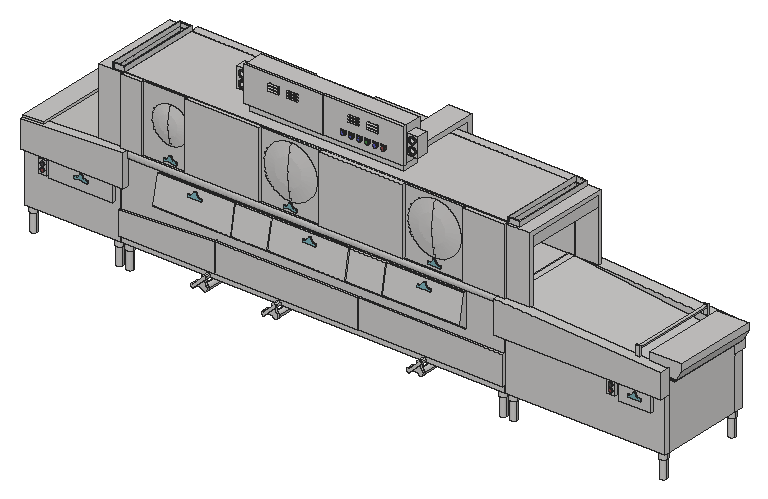
Revit family (continued)
Forms (in)
  Extrusion 130, solid, material "QF_Finishes_Stainless Steel"
    sketch origin (89.44275, -73.14175, 9.44389) x (-1, 0, 0) y (0, -0.5, -0.866025)
      loop
        arc (48.28388, -77.875) -> (48.46693, -78.31694) -> (48.90888, -78.5) r 0.625
        line (48.90888, -78.5) -> (51.65888, -78.5)
        arc (51.65888, -78.5) -> (52.10082, -78.31694) -> (52.28388, -77.875) r 0.625
        line (52.28388, -77.875) -> (48.28388, -77.875)
    from 0 to 0.125
  Extrusion 131, solid, material "QF_Finishes_Stainless Steel"
    sketch origin (89.44275, -73.14175, 8.44389) x (-1, 0, 0) y (0, -0.5, -0.866025)
      loop
        arc (48.28388, -77.875) -> (48.46693, -78.31694) -> (48.90888, -78.5) r 0.625
        line (48.90888, -78.5) -> (51.65888, -78.5)
        arc (51.65888, -78.5) -> (52.10082, -78.31694) -> (52.28388, -77.875) r 0.625
        line (52.28388, -77.875) -> (48.28388, -77.875)
    from 0 to 0.125
  Extrusion 132, solid, material "QF_Finishes_Stainless Steel"
    sketch origin (-39.90362, 0, 0) x (0, 1, 0) y (0, 0, 1)
      loop
        circle (-20.25, 7) r 1
      loop
        circle (-20.25, 7) r 1.125
    from 0 to 215.625
  Extrusion 133, solid, material "QF_Finishes_Stainless Steel", visible <- "Unload End Drain"
    sketch origin (-39.90362, 0, 0) x (0, 1, 0) y (0, 0, 1)
      loop
        circle (-20.25, 7) r 1
    from 0 to 0.125
  Extrusion 134, solid, material "QF_Finishes_Stainless Steel", visible <- "Load End Drain"
    sketch origin (175.72138, 0, 0) x (0, 1, 0) y (0, 0, 1)
      loop
        circle (-20.25, 7) r 1
    from 0 to -0.125
  Sweep 135, solid, material "QF_Finishes_Stainless Steel", visible <- "Cold Water Aqua Stat"
    path origin (-31.27862, 0, 0) x (0, 1, 0) y (0, 0, 1)
      loop
        line (-16.75, 9) -> (-16.75, 7.5)
        arc (-16.75, 7.5) -> (-16.31066, 6.43934) -> (-15.25, 6) r 1.5
        line (-15.25, 6) -> (-8.5, 6)
    profile origin (-31.27862, -16.75, 8.25) x (1, 0, 0) y (0, 1, 0)
      loop
        circle (0, 0) r 0.375
      loop
        circle (0, 0) r 0.5
  Sweep 136, solid, material "QF_Finishes_Stainless Steel", visible <- "Cold Water Aqua Stat"
    path origin (158.72138, 0, 0) x (0, 1, 0) y (0, 0, 1)
      loop
        line (-16.75, 9) -> (-16.75, 7.5)
        arc (-16.75, 7.5) -> (-16.31066, 6.43934) -> (-15.25, 6) r 1.5
        line (-15.25, 6) -> (-8.5, 6)
    profile origin (158.72138, -16.75, 8.25) x (1, 0, 0) y (0, 1, 0)
      loop
        circle (0, 0) r 0.5
      loop
        circle (0, 0) r 0.625
  Extrusion 137, void
    sketch origin (12, -26, 0) x (1, 0, 0) y (0, 0, 1)
      loop
        circle (10.72138, 78.5) r 0.5
    from 0 to 0.25
  Extrusion 138, solid, material "QF_Finishes_Stainless Steel"
    sketch origin (5, -20.25, 0) x (1, 0, 0) y (0, 0, 1)
      loop
        circle (7.73519, 7) r 1
      loop
        circle (7.73519, 7) r 1.125
    from 0 to 21.5
  Extrusion 139, solid, material "QF_Finishes_Stainless Steel"
    sketch origin (18, -20.25, 0) x (1, 0, 0) y (0, 0, 1)
      loop
        circle (21.23519, 7) r 1
      loop
        circle (21.23519, 7) r 1.125
    from 0 to 21.5
  Extrusion 140, solid, material "QF_Finishes_Stainless Steel"
    sketch origin (12.21533, -42, -3.41935) x (0.707107, 0, 0.707107) y (-0.707107, 0, 0.707107)
      loop
        arc (6.61019, 7) -> (7.73519, 5.875) -> (8.86019, 7) r 1.125
        arc (8.86019, 7) -> (9.29112, 8.22931) -> (10.48519, 8.75) r 1.62946
        line (10.48519, 8.75) -> (4.98519, 8.75)
        arc (4.98519, 8.75) -> (6.17925, 8.22931) -> (6.61019, 7) r 1.62946
    from -0.25 to 0.25
  Extrusion 141, solid, material "QF_Finishes_Stainless Steel"
    sketch origin (38.71533, -42, -3.41935) x (0.707107, 0, 0.707107) y (-0.707107, 0, 0.707107)
      loop
        line (4.73519, 8.75) -> (10.73519, 8.75)
        arc (10.73519, 8.75) -> (11.08874, 8.89645) -> (11.23519, 9.25) r 0.5
        line (11.23519, 9.25) -> (11.23519, 9.75)
        arc (11.23519, 9.75) -> (11.08874, 10.10355) -> (10.73519, 10.25) r 0.5
        line (10.73519, 10.25) -> (10.23519, 10.25)
        arc (10.23519, 10.25) -> (10.05841, 10.17678) -> (9.98519, 10) r 0.25
        line (9.98519, 10) -> (9.98519, 9.75) -> (5.48519, 9.75) -> (5.48519, 10)
        arc (5.48519, 10) -> (5.41196, 10.17678) -> (5.23519, 10.25) r 0.25
        line (5.23519, 10.25) -> (4.73519, 10.25)
        arc (4.73519, 10.25) -> (4.38163, 10.10355) -> (4.23519, 9.75) r 0.5
        line (4.23519, 9.75) -> (4.23519, 9.25)
        arc (4.23519, 9.25) -> (4.38163, 8.89645) -> (4.73519, 8.75) r 0.5
    from -1 to 1
  Extrusion 142, solid, material "QF_Finishes_Stainless Steel"
    sketch origin (38.71533, -42, -3.41935) x (0.707107, 0, 0.707107) y (-0.707107, 0, 0.707107)
      loop
        arc (6.61019, 7) -> (7.73519, 5.875) -> (8.86019, 7) r 1.125
        arc (8.86019, 7) -> (9.29112, 8.22931) -> (10.48519, 8.75) r 1.62946
        line (10.48519, 8.75) -> (4.98519, 8.75)
        arc (4.98519, 8.75) -> (6.17925, 8.22931) -> (6.61019, 7) r 1.62946
    from -0.25 to 0.25
  Extrusion 143, solid, material "QF_Finishes_Stainless Steel"
    sketch origin (79, -20.25, 0) x (1, 0, 0) y (0, 0, 1)
      loop
        circle (14.73519, 7) r 1
      loop
        circle (14.73519, 7) r 1.125
    from 0 to 21.5
  Extrusion 144, solid, material "QF_Finishes_Stainless Steel"
    sketch origin (93.21533, -42, -3.41935) x (0.707107, 0, 0.707107) y (-0.707107, 0, 0.707107)
      loop
        line (4.73519, 8.75) -> (10.73519, 8.75)
        arc (10.73519, 8.75) -> (11.08874, 8.89645) -> (11.23519, 9.25) r 0.5
        line (11.23519, 9.25) -> (11.23519, 9.75)
        arc (11.23519, 9.75) -> (11.08874, 10.10355) -> (10.73519, 10.25) r 0.5
        line (10.73519, 10.25) -> (10.23519, 10.25)
        arc (10.23519, 10.25) -> (10.05841, 10.17678) -> (9.98519, 10) r 0.25
        line (9.98519, 10) -> (9.98519, 9.75) -> (5.48519, 9.75) -> (5.48519, 10)
        arc (5.48519, 10) -> (5.41196, 10.17678) -> (5.23519, 10.25) r 0.25
        line (5.23519, 10.25) -> (4.73519, 10.25)
        arc (4.73519, 10.25) -> (4.38163, 10.10355) -> (4.23519, 9.75) r 0.5
        line (4.23519, 9.75) -> (4.23519, 9.25)
        arc (4.23519, 9.25) -> (4.38163, 8.89645) -> (4.73519, 8.75) r 0.5
    from -1 to 1
  Extrusion 145, solid, material "QF_Finishes_Stainless Steel"
    sketch origin (93.21533, -42, -3.41935) x (0.707107, 0, 0.707107) y (-0.707107, 0, 0.707107)
      loop
        arc (6.61019, 7) -> (7.73519, 5.875) -> (8.86019, 7) r 1.125
        arc (8.86019, 7) -> (9.29112, 8.22931) -> (10.48519, 8.75) r 1.62946
        line (10.48519, 8.75) -> (4.98519, 8.75)
        arc (4.98519, 8.75) -> (6.17925, 8.22931) -> (6.61019, 7) r 1.62946
    from -0.25 to 0.25
  Extrusion 146, solid, material "QF_Finishes_Stainless Steel"
    sketch origin (12.21533, -42, -3.41935) x (0.707107, 0, 0.707107) y (-0.707107, 0, 0.707107)
      loop
        line (4.73519, 8.75) -> (10.73519, 8.75)
        arc (10.73519, 8.75) -> (11.08874, 8.89645) -> (11.23519, 9.25) r 0.5
        line (11.23519, 9.25) -> (11.23519, 9.75)
        arc (11.23519, 9.75) -> (11.08874, 10.10355) -> (10.73519, 10.25) r 0.5
        line (10.73519, 10.25) -> (10.23519, 10.25)
        arc (10.23519, 10.25) -> (10.05841, 10.17678) -> (9.98519, 10) r 0.25
        line (9.98519, 10) -> (9.98519, 9.75) -> (5.48519, 9.75) -> (5.48519, 10)
        arc (5.48519, 10) -> (5.41196, 10.17678) -> (5.23519, 10.25) r 0.25
        line (5.23519, 10.25) -> (4.73519, 10.25)
        arc (4.73519, 10.25) -> (4.38163, 10.10355) -> (4.23519, 9.75) r 0.5
        line (4.23519, 9.75) -> (4.23519, 9.25)
        arc (4.23519, 9.25) -> (4.38163, 8.89645) -> (4.73519, 8.75) r 0.5
    from -1 to 1
  Extrusion 147, solid, material "QF_Finishes_Black", not visible
    sketch origin (0, -32.25, 0) x (1, 0, 0) y (0, 0, 1)
      loop
        circle (6.84638, 76.75) r 1.25
      loop
        circle (6.84638, 76.75) r 1
    from 0 to 0.25
  Extrusion 148, solid, material "QF_Finishes_White", not visible
    sketch origin (0, -32.25, 0) x (1, 0, 0) y (0, 0, 1)
      loop
        circle (6.84638, 76.75) r 1
    from 0 to 0.0625
  Extrusion 149, solid, material "QF_Finishes_Black", not visible
    sketch origin (33.66291, -34, -18.39967) x (1, 0, 0) y (0, 0, 1)
      loop
        line (19.62096, 91.02467) -> (17.62096, 91.02467) -> (17.62096, 90.77467) -> (19.62096, 90.77467) -> (19.62096, 91.02467)
      loop
        line (16.62096, 91.02467) -> (14.62096, 91.02467) -> (14.62096, 90.77467) -> (16.62096, 90.77467) -> (16.62096, 91.02467)
      loop
        line (20.62096, 91.02467) -> (20.62096, 90.77467) -> (22.62096, 90.77467) -> (22.62096, 91.02467) -> (20.62096, 91.02467)
      loop
        line (23.62096, 91.02467) -> (23.62096, 90.77467) -> (25.62096, 90.77467) -> (25.62096, 91.02467) -> (23.62096, 91.02467)
      loop
        line (13.62096, 91.02467) -> (11.62096, 91.02467) -> (11.62096, 90.77467) -> (13.62096, 90.77467) -> (13.62096, 91.02467)
      loop
        line (26.62096, 91.02467) -> (26.62096, 90.77467) -> (28.62096, 90.77467) -> (28.62096, 91.02467) -> (26.62096, 91.02467)
    from 0 to 0.25
  Extrusion 150, solid, material "QF_Finishes_Navy Blue", not visible
    sketch origin (34.03783, -34, -18.39967) x (1, 0, 0) y (0, 0, 1)
      loop
        circle (15.24605, 89.89967) r 0.625
    from 0.125 to 0.375
  Extrusion 151, solid, material "QF_Finishes_Navy Blue", not visible
    sketch origin (34.03783, -34, -18.39967) x (1, 0, 0) y (0, 0, 1)
      loop
        circle (18.24605, 89.89967) r 0.625
    from 0.125 to 0.375
  Extrusion 152, solid, material "QF_Finishes_LED Green", not visible
    sketch origin (34.03783, -34, -18.39967) x (1, 0, 0) y (0, 0, 1)
      loop
        circle (21.24605, 89.89967) r 0.625
    from 0.125 to 0.375
  Extrusion 153, solid, material "QF_Finishes_Navy Blue", not visible
    sketch origin (34.03783, -34, -18.39967) x (1, 0, 0) y (0, 0, 1)
      loop
        circle (24.24605, 89.89967) r 0.625
    from 0.125 to 0.375
  Extrusion 154, solid, material "QF_Finishes_Black", not visible
    sketch origin (34.03783, -34, -18.39967) x (1, 0, 0) y (0, 0, 1)
      loop
        line (15.99605, 89.89967) -> (15.99605, 90.77467) -> (14.49605, 90.77467) -> (14.49605, 89.89967)
        arc (14.49605, 89.89967) -> (15.24605, 89.14967) -> (15.99605, 89.89967) r 0.75
      loop
        line (18.99605, 89.89967) -> (18.99605, 90.77467) -> (17.49605, 90.77467) -> (17.49605, 89.89967)
        arc (17.49605, 89.89967) -> (18.24605, 89.14967) -> (18.99605, 89.89967) r 0.75
      loop
        line (21.99605, 89.89967) -> (21.99605, 90.77467) -> (20.49605, 90.77467) -> (20.49605, 89.89967)
        arc (20.49605, 89.89967) -> (21.24605, 89.14967) -> (21.99605, 89.89967) r 0.75
      loop
        line (24.99605, 89.89967) -> (24.99605, 90.77467) -> (23.49605, 90.77467) -> (23.49605, 89.89967)
        arc (23.49605, 89.89967) -> (24.24605, 89.14967) -> (24.99605, 89.89967) r 0.75
      loop
        line (12.99605, 89.89967) -> (12.99605, 90.77467) -> (11.49605, 90.77467) -> (11.49605, 89.89967)
        arc (11.49605, 89.89967) -> (12.24605, 89.14967) -> (12.99605, 89.89967) r 0.75
      loop
        line (27.99605, 89.89967) -> (27.99605, 90.77467) -> (26.49605, 90.77467) -> (26.49605, 89.89967)
        arc (26.49605, 89.89967) -> (27.24605, 89.14967) -> (27.99605, 89.89967) r 0.75
    from 0 to 0.125
  Extrusion 155, solid, material "QF_Finishes_Black", not visible
    sketch origin (0, -32.25, -3.5) x (1, 0, 0) y (0, 0, 1)
      loop
        circle (6.84638, 76.75) r 1.25
      loop
        circle (6.84638, 76.75) r 1
    from 0 to 0.25
  Extrusion 156, solid, material "QF_Finishes_White", not visible
    sketch origin (0, -32.25, -3.5) x (1, 0, 0) y (0, 0, 1)
      loop
        circle (6.84638, 76.75) r 1
    from 0 to 0.0625
  Extrusion 157, solid, material "QF_Finishes_Black", not visible
    sketch origin (63.875, -32.25, 0) x (1, 0, 0) y (0, 0, 1)
      loop
        circle (6.84638, 76.75) r 1.25
      loop
        circle (6.84638, 76.75) r 1
    from 0 to 0.25
  Extrusion 158, solid, material "QF_Finishes_White", not visible
    sketch origin (63.875, -32.25, 0) x (1, 0, 0) y (0, 0, 1)
      loop
        circle (6.84638, 76.75) r 1
    from 0 to 0.0625
  Extrusion 159, solid, material "QF_Finishes_Black", not visible
    sketch origin (63.875, -32.25, -3.5) x (1, 0, 0) y (0, 0, 1)
      loop
        circle (6.84638, 76.75) r 1.25
      loop
        circle (6.84638, 76.75) r 1
    from 0 to 0.25
  Extrusion 160, solid, material "QF_Finishes_White", not visible
    sketch origin (63.875, -32.25, -3.5) x (1, 0, 0) y (0, 0, 1)
      loop
        circle (6.84638, 76.75) r 1
    from 0 to 0.0625
  Extrusion 161, solid, material "QF_Finishes_Navy Blue", not visible
    sketch origin (31.03783, -34, -18.39967) x (1, 0, 0) y (0, 0, 1)
      loop
        circle (15.24605, 89.89967) r 0.625
    from 0.125 to 0.375
  Extrusion 162, solid, material "QF_Finishes_LED Red", not visible
    sketch origin (46.03783, -34, -18.39967) x (1, 0, 0) y (0, 0, 1)
      loop
        circle (15.24605, 89.89967) r 0.625
    from 0.125 to 0.375
  Extrusion 163, solid, material "QF_Finishes_Stainless Steel", not visible
    sketch origin (0, -73.14175, 10.44389) x (1, 0, 0) y (0, 0.5, 0.866025)
      loop
        line (48.28388, 77.875) -> (52.28388, 77.875)
        arc (52.28388, 77.875) -> (52.10082, 78.31694) -> (51.65888, 78.5) r 0.625
        line (51.65888, 78.5) -> (48.90888, 78.5)
        arc (48.90888, 78.5) -> (48.46693, 78.31694) -> (48.28388, 77.875) r 0.625
    from 0 to 0.125
  Extrusion 164, solid, material "QF_Finishes_Stainless Steel", not visible
    sketch origin (0, -73.14175, 9.44389) x (1, 0, 0) y (0, 0.5, 0.866025)
      loop
        line (48.28388, 77.875) -> (52.28388, 77.875)
        arc (52.28388, 77.875) -> (52.10082, 78.31694) -> (51.65888, 78.5) r 0.625
        line (51.65888, 78.5) -> (48.90888, 78.5)
        arc (48.90888, 78.5) -> (48.46693, 78.31694) -> (48.28388, 77.875) r 0.625
    from 0 to 0.125
  Extrusion 165, solid, material "QF_Finishes_Stainless Steel", not visible
    sketch origin (0, -73.14175, 8.44389) x (1, 0, 0) y (0, 0.5, 0.866025)
      loop
        line (48.28388, 77.875) -> (52.28388, 77.875)
        arc (52.28388, 77.875) -> (52.10082, 78.31694) -> (51.65888, 78.5) r 0.625
        line (51.65888, 78.5) -> (48.90888, 78.5)
        arc (48.90888, 78.5) -> (48.46693, 78.31694) -> (48.28388, 77.875) r 0.625
    from 0 to 0.125
  Extrusion 166, solid, material "QF_Finishes_Stainless Steel", not visible
    sketch origin (107.56775, -73.14175, 10.44389) x (-1, 0, 0) y (0, -0.5, -0.866025)
      loop
        arc (48.28388, -77.875) -> (48.46693, -78.31694) -> (48.90888, -78.5) r 0.625
        line (48.90888, -78.5) -> (51.65888, -78.5)
        arc (51.65888, -78.5) -> (52.10082, -78.31694) -> (52.28388, -77.875) r 0.625
        line (52.28388, -77.875) -> (48.28388, -77.875)
    from 0 to 0.125
  Extrusion 167, solid, material "QF_Finishes_Stainless Steel", not visible
    sketch origin (107.56775, -73.14175, 9.44389) x (-1, 0, 0) y (0, -0.5, -0.866025)
      loop
        arc (48.28388, -77.875) -> (48.46693, -78.31694) -> (48.90888, -78.5) r 0.625
        line (48.90888, -78.5) -> (51.65888, -78.5)
        arc (51.65888, -78.5) -> (52.10082, -78.31694) -> (52.28388, -77.875) r 0.625
        line (52.28388, -77.875) -> (48.28388, -77.875)
    from 0 to 0.125
  Extrusion 168, solid, material "QF_Finishes_Stainless Steel", not visible
    sketch origin (107.56775, -73.14175, 8.44389) x (-1, 0, 0) y (0, -0.5, -0.866025)
      loop
        arc (48.28388, -77.875) -> (48.46693, -78.31694) -> (48.90888, -78.5) r 0.625
        line (48.90888, -78.5) -> (51.65888, -78.5)
        arc (51.65888, -78.5) -> (52.10082, -78.31694) -> (52.28388, -77.875) r 0.625
        line (52.28388, -77.875) -> (48.28388, -77.875)
    from 0 to 0.125
  Extrusion 169, solid, material "QF_Finishes_Stainless Steel", not visible
    sketch origin (-30.125, -73.14175, 10.44389) x (1, 0, 0) y (0, 0.5, 0.866025)
      loop
        line (48.28388, 77.875) -> (52.28388, 77.875)
        arc (52.28388, 77.875) -> (52.10082, 78.31694) -> (51.65888, 78.5) r 0.625
        line (51.65888, 78.5) -> (48.90888, 78.5)
        arc (48.90888, 78.5) -> (48.46693, 78.31694) -> (48.28388, 77.875) r 0.625
    from 0 to 0.125
  Extrusion 170, solid, material "QF_Finishes_Stainless Steel", not visible
    sketch origin (-30.125, -73.14175, 9.44389) x (1, 0, 0) y (0, 0.5, 0.866025)
      loop
        line (48.28388, 77.875) -> (52.28388, 77.875)
        arc (52.28388, 77.875) -> (52.10082, 78.31694) -> (51.65888, 78.5) r 0.625
        line (51.65888, 78.5) -> (48.90888, 78.5)
        arc (48.90888, 78.5) -> (48.46693, 78.31694) -> (48.28388, 77.875) r 0.625
    from 0 to 0.125
  Extrusion 171, solid, material "QF_Finishes_Stainless Steel", not visible
    sketch origin (-30.125, -73.14175, 8.44389) x (1, 0, 0) y (0, 0.5, 0.866025)
      loop
        line (48.28388, 77.875) -> (52.28388, 77.875)
        arc (52.28388, 77.875) -> (52.10082, 78.31694) -> (51.65888, 78.5) r 0.625
        line (51.65888, 78.5) -> (48.90888, 78.5)
        arc (48.90888, 78.5) -> (48.46693, 78.31694) -> (48.28388, 77.875) r 0.625
    from 0 to 0.125
  Extrusion 172, solid, material "QF_Finishes_Stainless Steel", not visible
    sketch origin (77.44275, -73.14175, 10.44389) x (-1, 0, 0) y (0, -0.5, -0.866025)
      loop
        arc (48.28388, -77.875) -> (48.46693, -78.31694) -> (48.90888, -78.5) r 0.625
        line (48.90888, -78.5) -> (51.65888, -78.5)
        arc (51.65888, -78.5) -> (52.10082, -78.31694) -> (52.28388, -77.875) r 0.625
        line (52.28388, -77.875) -> (48.28388, -77.875)
    from 0 to 0.125
  Extrusion 173, solid, material "QF_Finishes_Stainless Steel", not visible
    sketch origin (77.44275, -73.14175, 9.44389) x (-1, 0, 0) y (0, -0.5, -0.866025)
      loop
        arc (48.28388, -77.875) -> (48.46693, -78.31694) -> (48.90888, -78.5) r 0.625
        line (48.90888, -78.5) -> (51.65888, -78.5)
        arc (51.65888, -78.5) -> (52.10082, -78.31694) -> (52.28388, -77.875) r 0.625
        line (52.28388, -77.875) -> (48.28388, -77.875)
    from 0 to 0.125
  Extrusion 174, solid, material "QF_Finishes_Stainless Steel", not visible
    sketch origin (77.44275, -73.14175, 8.44389) x (-1, 0, 0) y (0, -0.5, -0.866025)
      loop
        arc (48.28388, -77.875) -> (48.46693, -78.31694) -> (48.90888, -78.5) r 0.625
        line (48.90888, -78.5) -> (51.65888, -78.5)
        arc (51.65888, -78.5) -> (52.10082, -78.31694) -> (52.28388, -77.875) r 0.625
        line (52.28388, -77.875) -> (48.28388, -77.875)
    from 0 to 0.125
  Extrusion 175, solid, material "QF_Finishes_Stainless Steel", not visible
    sketch origin (5, -20.25, 0) x (1, 0, 0) y (0, 0, 1)
      loop
        circle (7.73519, 7) r 1
      loop
        circle (7.73519, 7) r 1.125
    from 0 to 21.5
  Extrusion 176, solid, material "QF_Finishes_Stainless Steel", not visible
    sketch origin (18, -20.25, 0) x (1, 0, 0) y (0, 0, 1)
      loop
        circle (21.23519, 7) r 1
      loop
        circle (21.23519, 7) r 1.125
    from 0 to 21.5
  Extrusion 177, solid, material "QF_Finishes_Stainless Steel", not visible
    sketch origin (12.21533, -42, -3.41935) x (0.707107, 0, 0.707107) y (-0.707107, 0, 0.707107)
      loop
        arc (6.61019, 7) -> (7.73519, 5.875) -> (8.86019, 7) r 1.125
        arc (8.86019, 7) -> (9.29112, 8.22931) -> (10.48519, 8.75) r 1.62946
        line (10.48519, 8.75) -> (4.98519, 8.75)
        arc (4.98519, 8.75) -> (6.17925, 8.22931) -> (6.61019, 7) r 1.62946
    from -0.25 to 0.25
  Extrusion 178, solid, material "QF_Finishes_Stainless Steel", not visible
    sketch origin (38.71533, -42, -3.41935) x (0.707107, 0, 0.707107) y (-0.707107, 0, 0.707107)
      loop
        line (4.73519, 8.75) -> (10.73519, 8.75)
        arc (10.73519, 8.75) -> (11.08874, 8.89645) -> (11.23519, 9.25) r 0.5
        line (11.23519, 9.25) -> (11.23519, 9.75)
        arc (11.23519, 9.75) -> (11.08874, 10.10355) -> (10.73519, 10.25) r 0.5
        line (10.73519, 10.25) -> (10.23519, 10.25)
        arc (10.23519, 10.25) -> (10.05841, 10.17678) -> (9.98519, 10) r 0.25
        line (9.98519, 10) -> (9.98519, 9.75) -> (5.48519, 9.75) -> (5.48519, 10)
        arc (5.48519, 10) -> (5.41196, 10.17678) -> (5.23519, 10.25) r 0.25
        line (5.23519, 10.25) -> (4.73519, 10.25)
        arc (4.73519, 10.25) -> (4.38163, 10.10355) -> (4.23519, 9.75) r 0.5
        line (4.23519, 9.75) -> (4.23519, 9.25)
        arc (4.23519, 9.25) -> (4.38163, 8.89645) -> (4.73519, 8.75) r 0.5
    from -1 to 1
  Extrusion 179, solid, material "QF_Finishes_Stainless Steel", not visible
    sketch origin (38.71533, -42, -3.41935) x (0.707107, 0, 0.707107) y (-0.707107, 0, 0.707107)
      loop
        arc (6.61019, 7) -> (7.73519, 5.875) -> (8.86019, 7) r 1.125
        arc (8.86019, 7) -> (9.29112, 8.22931) -> (10.48519, 8.75) r 1.62946
        line (10.48519, 8.75) -> (4.98519, 8.75)
        arc (4.98519, 8.75) -> (6.17925, 8.22931) -> (6.61019, 7) r 1.62946
    from -0.25 to 0.25
  Extrusion 180, solid, material "QF_Finishes_Stainless Steel", not visible
    sketch origin (79, -20.25, 0) x (1, 0, 0) y (0, 0, 1)
      loop
        circle (14.73519, 7) r 1
      loop
        circle (14.73519, 7) r 1.125
    from 0 to 21.5
  Extrusion 181, solid, material "QF_Finishes_Stainless Steel", not visible
    sketch origin (93.21533, -42, -3.41935) x (0.707107, 0, 0.707107) y (-0.707107, 0, 0.707107)
      loop
        line (4.73519, 8.75) -> (10.73519, 8.75)
        arc (10.73519, 8.75) -> (11.08874, 8.89645) -> (11.23519, 9.25) r 0.5
        line (11.23519, 9.25) -> (11.23519, 9.75)
        arc (11.23519, 9.75) -> (11.08874, 10.10355) -> (10.73519, 10.25) r 0.5
        line (10.73519, 10.25) -> (10.23519, 10.25)
        arc (10.23519, 10.25) -> (10.05841, 10.17678) -> (9.98519, 10) r 0.25
        line (9.98519, 10) -> (9.98519, 9.75) -> (5.48519, 9.75) -> (5.48519, 10)
        arc (5.48519, 10) -> (5.41196, 10.17678) -> (5.23519, 10.25) r 0.25
        line (5.23519, 10.25) -> (4.73519, 10.25)
        arc (4.73519, 10.25) -> (4.38163, 10.10355) -> (4.23519, 9.75) r 0.5
        line (4.23519, 9.75) -> (4.23519, 9.25)
        arc (4.23519, 9.25) -> (4.38163, 8.89645) -> (4.73519, 8.75) r 0.5
    from -1 to 1
  Extrusion 182, solid, material "QF_Finishes_Stainless Steel", not visible
    sketch origin (93.21533, -42, -3.41935) x (0.707107, 0, 0.707107) y (-0.707107, 0, 0.707107)
      loop
        arc (6.61019, 7) -> (7.73519, 5.875) -> (8.86019, 7) r 1.125
        arc (8.86019, 7) -> (9.29112, 8.22931) -> (10.48519, 8.75) r 1.62946
        line (10.48519, 8.75) -> (4.98519, 8.75)
        arc (4.98519, 8.75) -> (6.17925, 8.22931) -> (6.61019, 7) r 1.62946
    from -0.25 to 0.25
  Extrusion 183, solid, material "QF_Finishes_Stainless Steel", not visible
    sketch origin (12.21533, -42, -3.41935) x (0.707107, 0, 0.707107) y (-0.707107, 0, 0.707107)
      loop
        line (4.73519, 8.75) -> (10.73519, 8.75)
        arc (10.73519, 8.75) -> (11.08874, 8.89645) -> (11.23519, 9.25) r 0.5
        line (11.23519, 9.25) -> (11.23519, 9.75)
        arc (11.23519, 9.75) -> (11.08874, 10.10355) -> (10.73519, 10.25) r 0.5
        line (10.73519, 10.25) -> (10.23519, 10.25)
        arc (10.23519, 10.25) -> (10.05841, 10.17678) -> (9.98519, 10) r 0.25
        line (9.98519, 10) -> (9.98519, 9.75) -> (5.48519, 9.75) -> (5.48519, 10)
        arc (5.48519, 10) -> (5.41196, 10.17678) -> (5.23519, 10.25) r 0.25
        line (5.23519, 10.25) -> (4.73519, 10.25)
        arc (4.73519, 10.25) -> (4.38163, 10.10355) -> (4.23519, 9.75) r 0.5
        line (4.23519, 9.75) -> (4.23519, 9.25)
        arc (4.23519, 9.25) -> (4.38163, 8.89645) -> (4.73519, 8.75) r 0.5
    from -1 to 1
  Extrusion 184, solid, material "QF_Finishes_Stainless Steel", visible <- "Swing Doors"
    sketch origin (0, 0, 65.5) x (0, 1, 0) y (-1, 0, 0)
      loop
        line (-38.25, 13.27862) -> (-39, 13.27862) -> (-39, -2.59638) -> (-38.25, -2.59638) -> (-38.25, 13.27862)
    from 0 to -24.875
  Extrusion 185, solid, material "QF_Finishes_Stainless Steel", visible <- "Swing Doors"
    sketch origin (0, 0, 65.5) x (0, 1, 0) y (-1, 0, 0)
      loop
        line (-38.25, -30.72138) -> (-39, -30.72138) -> (-39, -41.65888) -> (-38.25, -41.65888) -> (-38.25, -30.72138)
    from 0 to -24.875
  Extrusion 186, solid, material "QF_Finishes_Stainless Steel", visible <- "Swing Doors"
    sketch origin (0, 0, 65.5) x (0, 1, 0) y (-1, 0, 0)
      loop
        line (-38.25, -41.78388) -> (-39, -41.78388) -> (-39, -52.72138) -> (-38.25, -52.72138) -> (-38.25, -41.78388)
    from 0 to -24.875
  Extrusion 187, solid, material "QF_Finishes_Stainless Steel", visible <- "Swing Doors"
    sketch origin (0, 0, 65.5) x (0, 1, 0) y (-1, 0, 0)
      loop
        line (-38.25, -84.72138) -> (-39, -84.72138) -> (-39, -95.65888) -> (-38.25, -95.65888) -> (-38.25, -84.72138)
    from 0 to -24.875
  Extrusion 188, solid, material "QF_Finishes_Stainless Steel", visible <- "Swing Doors"
    sketch origin (0, 0, 65.5) x (0, 1, 0) y (-1, 0, 0)
      loop
        line (-38.25, -95.78388) -> (-39, -95.78388) -> (-39, -106.72138) -> (-38.25, -106.72138) -> (-38.25, -95.78388)
    from 0 to -24.875
  Extrusion 189, solid, material "QF_Finishes_Stainless Steel", visible <- "Swing Doors"
    sketch origin (1.64366, 34, 62.4375) x (0, 1, 0) y (-1, 0, 0)
      loop
        circle (-73.25, -28.82772) r 0.25
    from 0 to -3
  Extrusion 190, solid, material "QF_Finishes_Stainless Steel", visible <- "Swing Doors"
    sketch origin (1.64366, 34, 45.8125) x (0, 1, 0) y (-1, 0, 0)
      loop
        circle (-73.25, -28.82772) r 0.25
    from 0 to -3
  Sweep 191, solid, material "QF_Finishes_Stainless Steel", visible <- "Swing Doors"
    path origin (40.28388, 53.39484, 58) x (0, 1, 0) y (0, 0, 1)
      loop
        line (-92.39484, -0.9375) -> (-93.01984, -0.9375)
        arc (-93.01984, -0.9375) -> (-93.37339, -1.08395) -> (-93.51984, -1.4375) r 0.5
        line (-93.51984, -1.4375) -> (-93.51984, -9.6875)
        arc (-93.51984, -9.6875) -> (-93.37339, -10.04105) -> (-93.01984, -10.1875) r 0.5
        line (-93.01984, -10.1875) -> (-92.39484, -10.1875)
    profile origin (40.28388, -39.3125, 57.0625) x (0, 0, -1) y (1, 0, 0)
      loop
        circle (0, 0) r 0.375
  Extrusion 192, solid, material "QF_Finishes_Stainless Steel", visible <- "Swing Doors"
    sketch origin (37.64366, 34, 62.4375) x (0, 1, 0) y (-1, 0, 0)
      loop
        circle (-73.25, -15.32772) r 0.25
    from 0 to -3
  Extrusion 193, solid, material "QF_Finishes_Stainless Steel", visible <- "Swing Doors"
    sketch origin (37.64366, 34, 45.8125) x (0, 1, 0) y (-1, 0, 0)
      loop
        circle (-73.25, -15.32772) r 0.25
    from 0 to -3
  Extrusion 194, solid, material "QF_Finishes_Stainless Steel", visible <- "Swing Doors"
    sketch origin (45.64366, 34, 62.4375) x (0, 1, 0) y (-1, 0, 0)
      loop
        circle (-73.25, -38.82772) r 0.25
    from 0 to -3
  Extrusion 195, solid, material "QF_Finishes_Stainless Steel", visible <- "Swing Doors"
    sketch origin (45.64366, 34, 45.8125) x (0, 1, 0) y (-1, 0, 0)
      loop
        circle (-73.25, -38.82772) r 0.25
    from 0 to -3
  Extrusion 196, solid, material "QF_Finishes_Stainless Steel", visible <- "Swing Doors"
    sketch origin (81.64366, 34, 62.4375) x (0, 1, 0) y (-1, 0, 0)
      loop
        circle (-73.25, -25.32772) r 0.25
    from 0 to -3
  Extrusion 197, solid, material "QF_Finishes_Stainless Steel", visible <- "Swing Doors"
    sketch origin (81.64366, 34, 45.8125) x (0, 1, 0) y (-1, 0, 0)
      loop
        circle (-73.25, -25.32772) r 0.25
    from 0 to -3
  Extrusion 198, solid, material "QF_Finishes_Stainless Steel", visible <- "Swing Doors"
    sketch origin (-26.60634, 34, 62.4375) x (0, 1, 0) y (-1, 0, 0)
      loop
        circle (-73.25, -13.07772) r 0.25
    from 0 to -3
  Extrusion 199, solid, material "QF_Finishes_Stainless Steel", visible <- "Swing Doors"
    sketch origin (-26.60634, 34, 45.8125) x (0, 1, 0) y (-1, 0, 0)
      loop
        circle (-73.25, -13.07772) r 0.25
    from 0 to -3
  Sweep 200, solid, material "QF_Finishes_Stainless Steel", visible <- "Swing Doors"
    path origin (1.28388, 45.33582, 48) x (0, 1, 0) y (0, 0, 1)
      loop
        line (-84.33582, 9.0625) -> (-84.96082, 9.0625)
        arc (-84.96082, 9.0625) -> (-85.31438, 8.91605) -> (-85.46082, 8.5625) r 0.5
        line (-85.46082, 8.5625) -> (-85.46082, 0.3125)
        arc (-85.46082, 0.3125) -> (-85.31438, -0.04105) -> (-84.96082, -0.1875) r 0.5
        line (-84.96082, -0.1875) -> (-84.33582, -0.1875)
    profile origin (1.28388, -39.3125, 57.0625) x (0, 0, -1) y (1, 0, 0)
      loop
        circle (0, 0) r 0.375
  Sweep 201, solid, material "QF_Finishes_Stainless Steel", visible <- "Swing Doors"
    path origin (43.15888, 53.39484, 48) x (0, 1, 0) y (0, 0, 1)
      loop
        line (-92.39484, 9.0625) -> (-93.01984, 9.0625)
        arc (-93.01984, 9.0625) -> (-93.37339, 8.91605) -> (-93.51984, 8.5625) r 0.5
        line (-93.51984, 8.5625) -> (-93.51984, 0.3125)
        arc (-93.51984, 0.3125) -> (-93.37339, -0.04105) -> (-93.01984, -0.1875) r 0.5
        line (-93.01984, -0.1875) -> (-92.39484, -0.1875)
    profile origin (43.15888, -39.3125, 57.0625) x (0, 0, -1) y (1, 0, 0)
      loop
        circle (0, 0) r 0.375
  Sweep 202, solid, material "QF_Finishes_Stainless Steel", visible <- "Swing Doors"
    path origin (94.28388, 53.39484, 48) x (0, 1, 0) y (0, 0, 1)
      loop
        line (-92.39484, 9.0625) -> (-93.01984, 9.0625)
        arc (-93.01984, 9.0625) -> (-93.37339, 8.91605) -> (-93.51984, 8.5625) r 0.5
        line (-93.51984, 8.5625) -> (-93.51984, 0.3125)
        arc (-93.51984, 0.3125) -> (-93.37339, -0.04105) -> (-93.01984, -0.1875) r 0.5
        line (-93.01984, -0.1875) -> (-92.39484, -0.1875)
    profile origin (94.28388, -39.3125, 57.0625) x (0, 0, -1) y (1, 0, 0)
      loop
        circle (0, 0) r 0.375
  Sweep 203, solid, material "QF_Finishes_Stainless Steel", visible <- "Swing Doors"
    path origin (97.15888, 53.39484, 48) x (0, 1, 0) y (0, 0, 1)
      loop
        line (-92.39484, 9.0625) -> (-93.01984, 9.0625)
        arc (-93.01984, 9.0625) -> (-93.37339, 8.91605) -> (-93.51984, 8.5625) r 0.5
        line (-93.51984, 8.5625) -> (-93.51984, 0.3125)
        arc (-93.51984, 0.3125) -> (-93.37339, -0.04105) -> (-93.01984, -0.1875) r 0.5
        line (-93.01984, -0.1875) -> (-92.39484, -0.1875)
    profile origin (97.15888, -39.3125, 57.0625) x (0, 0, -1) y (1, 0, 0)
      loop
        circle (0, 0) r 0.375
  Extrusion 204, solid, material "QF_Finishes_Clearances", visible <- "Standard Doors", detail levels coarse
    sketch origin (0, 0, 65.5) x (0, 1, 0) y (-1, 0, 0)
      loop
        line (-38.25, 13.52862) -> (-39, 13.52862) -> (-39, -2.72138) -> (-38.25, -2.72138) -> (-38.25, 13.52862)
    from 0 to 28
  Extrusion 205, solid, material "QF_Finishes_Clearances", visible <- "Standard Doors", detail levels coarse
    sketch origin (0, 0, 65.5) x (0, 1, 0) y (-1, 0, 0)
      loop
        line (-38.25, -30.47138) -> (-39, -30.47138) -> (-39, -52.97138) -> (-38.25, -52.97138) -> (-38.25, -30.47138)
    from 0 to 28
  Extrusion 206, solid, material "QF_Finishes_Clearances", visible <- "Standard Doors", detail levels coarse
    sketch origin (44, 0, 65.5) x (0, 1, 0) y (-1, 0, 0)
      loop
        line (-38.25, -40.47138) -> (-39, -40.47138) -> (-39, -62.97138) -> (-38.25, -62.97138) -> (-38.25, -40.47138)
    from 0 to 28
  Sweep 207, solid, material "QF_Finishes_Stainless Steel"
    path origin (146.72138, 20.50153, 48) x (0, 1, 0) y (0, 0, 1)
      loop
        line (-37.25153, -39) -> (-37.25153, -40.5)
        arc (-37.25153, -40.5) -> (-36.81219, -41.56066) -> (-35.75153, -42) r 1.5
        line (-35.75153, -42) -> (-29.00153, -42)
    profile origin (146.72138, -16.75, 8.25) x (1, 0, 0) y (0, 1, 0)
      loop
        circle (0, 0) r 1
      loop
        circle (0, 0) r 1.125
  Extrusion 208, solid, material "QF_Finishes_Stainless Steel"
    sketch origin (80.47138, 0, 0) x (0, 1, 0) y (0, 0, 1)
      loop
        line (-26, 68.5) -> (-1.75, 68.5) -> (-1.75, 18.25) -> (-3, 18.25) -> (-3, 16.5) -> (0, 16.5) -> (0, 70.25) -> (-26, 70.25) -> (-26, 68.5)
    from -1.25 to -9.75
  Sweep 209, solid, material "QF_Finishes_Stainless Steel"
    path origin (152.72138, 20.50153, 48) x (0, 1, 0) y (0, 0, 1)
      loop
        line (-37.25153, -39) -> (-37.25153, -40.5)
        arc (-37.25153, -40.5) -> (-36.81219, -41.56066) -> (-35.75153, -42) r 1.5
        line (-35.75153, -42) -> (-29.00153, -42)
    profile origin (152.72138, -16.75, 8.25) x (1, 0, 0) y (0, 1, 0)
      loop
        circle (0, 0) r 0.375
      loop
        circle (0, 0) r 0.5
Cuts and joins
  Extrusion 31 cuts Extrusion 28
  Extrusion 31 cuts Extrusion 29
  Extrusion 35 cuts Extrusion 32
  Extrusion 35 cuts Extrusion 33
  Extrusion 137 cuts Extrusion 99
  Extrusion 137 cuts Extrusion 100
Lines and regions (in)
  symbolic lines
    curve 1: line (-57.40362, -1.5, 65.5) -> (-18.77862, -1.5, 65.5)
    curve 2: line (-57.40362, -3, 65.5) -> (70.72138, -3, 65.5)
    curve 3: line (182.72138, -41, 65.5) -> (182.72138, -1.5, 65.5)
    curve 4: line (182.72138, -1.5, 65.5) -> (120.22138, -1.5, 65.5)
    curve 5: line (120.22138, -1.5, 65.5) -> (120.22138, -3, 65.5)
    curve 6: line (-57.40362, -1.5, 65.5) -> (-57.40362, -41, 65.5)
    curve 7: line (-57.40362, -41, 65.5) -> (-18.77862, -41, 65.5)
    curve 8: line (-18.77862, -41, 65.5) -> (-18.77862, -39, 65.5)
    curve 9: line (122.72138, -39, 65.5) -> (-49.40362, -39, 65.5)
    curve 10: line (-57.40362, -39.875, 65.5) -> (-49.40362, -39.875, 65.5)
    curve 11: line (-49.40362, -39.875, 65.5) -> (-49.40362, -3.375, 65.5)
    curve 12: line (-49.40362, -3.375, 65.5) -> (-57.40362, -3.375, 65.5)
    curve 13: line (-49.40362, -6, 65.5) -> (-30.27862, -6, 65.5)
    curve 14: line (-21.27862, -3, 65.5) -> (-21.27862, -39, 65.5)
    curve 15: line (-21.27862, -5, 65.5) -> (-30.27862, -5, 65.5)
    curve 16: line (-30.27862, -5, 65.5) -> (-30.27862, -38.25, 65.5)
    curve 17: line (-30.27862, -38.25, 65.5) -> (-21.27862, -38.25, 65.5)
    curve 18: line (-21.27862, -37.25, 65.5) -> (-25.40362, -37.25, 65.5)
    curve 19: line (-25.40362, -37.25, 65.5) -> (-25.40362, -6, 65.5)
    curve 20: line (-25.40362, -6, 65.5) -> (-21.27862, -6, 65.5)
    curve 21: line (23.22138, -3, 65.5) -> (23.22138, -4, 65.5)
    curve 22: line (23.22138, -4, 65.5) -> (45.72138, -4, 65.5)
    curve 23: line (45.72138, -4, 65.5) -> (45.72138, -3, 65.5)
    curve 24: line (120.22138, -41, 65.5) -> (182.72138, -41, 65.5)
    curve 25: line (182.72138, -37.25, 65.5) -> (131.72138, -37.25, 65.5)
    curve 26: line (131.72138, -37.25, 65.5) -> (131.72138, -38.25, 65.5)
    curve 27: line (131.72138, -38.25, 65.5) -> (122.72138, -38.25, 65.5)
    curve 28: line (122.72138, -39, 65.5) -> (122.72138, -3, 65.5)
    curve 29: line (120.22138, -39, 65.5) -> (120.22138, -41, 65.5)
    curve 30: line (122.72138, -37.25, 65.5) -> (126.84638, -37.25, 65.5)
    curve 31: line (126.84638, -37.25, 65.5) -> (126.84638, -6, 65.5)
    curve 32: line (126.84638, -6, 65.5) -> (122.72138, -6, 65.5)
    curve 33: line (122.72138, -5, 65.5) -> (131.72138, -5, 65.5)
    curve 34: line (131.72138, -5, 65.5) -> (131.72138, -37.25, 65.5)
    curve 35: line (108.22138, -39, 65.5) -> (108.22138, -42, 65.5)
    curve 36: line (108.22138, -42, 65.5) -> (79.22138, -42, 65.5)
    curve 37: line (79.22138, -42, 65.5) -> (79.22138, -39, 65.5)
    curve 38: line (78.97138, -38.93512, 65.5) -> (78.97138, -42, 65.5)
    curve 39: line (78.97138, -42, 65.5) -> (65.47138, -42, 65.5)
    curve 40: line (65.47138, -42, 65.5) -> (65.47138, -39, 65.5)
    curve 41: line (65.22138, -39, 65.5) -> (65.22138, -42, 65.5)
    curve 42: line (65.22138, -42, 65.5) -> (36.22138, -42, 65.5)
    curve 43: line (36.22138, -42, 65.5) -> (36.22138, -39, 65.5)
    curve 44: line (35.97138, -39, 65.5) -> (35.97138, -42, 65.5)
    curve 45: line (35.97138, -42, 65.5) -> (22.47138, -42, 65.5)
    curve 46: line (22.47138, -42, 65.5) -> (22.47138, -39, 65.5)
    curve 47: line (22.22138, -39, 65.5) -> (22.22138, -42, 65.5)
    curve 48: line (22.22138, -42, 65.5) -> (-6.77862, -42, 65.5)
    curve 49: line (-6.77862, -42, 65.5) -> (-6.77862, -39, 65.5)
    curve 50: line (-13.52862, -39, 65.5) -> (-13.52862, -38.25, 65.5)
    curve 51: line (-13.52862, -38.25, 65.5) -> (2.72138, -38.25, 65.5)
    curve 52: line (2.72138, -38.25, 65.5) -> (2.72138, -39, 65.5)
    curve 59: line (20.72138, -34, 65.5) -> (80.72138, -34, 65.5)
    curve 60: line (80.72138, -34, 65.5) -> (80.72138, -33, 65.5)
    curve 61: line (80.72138, -33, 65.5) -> (20.72138, -33, 65.5)
    curve 62: line (20.72138, -33, 65.5) -> (20.72138, -34, 65.5)
    curve 63: line (20.97138, -33, 65.5) -> (20.97138, -26, 65.5)
    curve 64: line (20.97138, -26, 65.5) -> (80.47138, -26, 65.5)
    curve 65: line (80.47138, -26, 65.5) -> (80.47138, -33, 65.5)
    curve 66: line (80.47138, -28.25, 65.5) -> (84.72138, -28.25, 65.5)
    curve 67: line (84.72138, -28.25, 65.5) -> (84.72138, -32.25, 65.5)
    curve 68: line (84.72138, -32.25, 65.5) -> (80.47138, -32.25, 65.5)
    curve 69: line (20.97138, -28.25, 65.5) -> (16.72138, -28.25, 65.5)
    curve 70: line (16.72138, -28.25, 65.5) -> (16.72138, -32.25, 65.5)
    curve 71: line (16.72138, -32.25, 65.5) -> (20.97138, -32.25, 65.5)
    curve 109: line (-18.77862, -1.5, 65.5) -> (-18.77862, -3, 65.5)
    curve 110: line (170.97138, -37.25, 65.5) -> (170.97138, -37.75, 65.5)
    curve 111: line (170.97138, -37.75, 65.5) -> (172.47138, -37.75, 65.5)
    curve 112: line (172.47138, -37.75, 65.5) -> (172.47138, -37.25, 65.5)
    curve 113: line (172.22138, -37.25, 65.5) -> (172.22138, -6, 65.5)
    curve 114: line (172.47138, -6, 65.5) -> (172.47138, -5.5, 65.5)
    curve 115: line (172.47138, -5.5, 65.5) -> (170.97138, -5.5, 65.5)
    curve 116: line (170.97138, -5.5, 65.5) -> (170.97138, -6, 65.5)
    curve 117: line (171.22138, -6, 65.5) -> (171.22138, -37.25, 65.5)
    curve 118: line (182.72138, -6, 65.5) -> (131.72138, -6, 65.5)
    curve 123: line (185.22138, -6, 65.5) -> (185.22138, -37.25, 65.5)
    curve 124: line (182.72138, -6, 65.5) -> (185.22138, -6, 65.5)
    curve 125: line (185.22138, -37.25, 65.5) -> (182.72138, -37.25, 65.5)
    curve 126: line (-57.40362, -6, 65.5) -> (-59.90362, -6, 65.5)
    curve 127: line (-59.90362, -6, 65.5) -> (-59.90362, -37.25, 65.5)
    curve 128: line (-59.90362, -37.25, 65.5) -> (-57.40362, -37.25, 65.5)
    curve 132: line (70.72138, -26, 65.5) -> (70.72138, 0, 65.5)
    curve 133: line (70.72138, 0, 65.5) -> (79.22138, 0, 65.5)
    curve 134: line (79.22138, 0, 65.5) -> (79.22138, -26, 65.5)
    curve 135: line (79.22138, -3, 65.5) -> (182.72138, -3, 65.5)
  symbolic lines, visible <- "Standard Doors"
    curve 53: line (30.47138, -39, 65.5) -> (30.47138, -38.25, 65.5)
    curve 54: line (30.47138, -38.25, 65.5) -> (52.97138, -38.25, 65.5)
    curve 55: line (52.97138, -38.25, 65.5) -> (52.97138, -39, 65.5)
    curve 56: line (84.47138, -39, 65.5) -> (84.47138, -38.25, 65.5)
    curve 57: line (84.47138, -38.25, 65.5) -> (106.97138, -38.25, 65.5)
    curve 58: line (106.97138, -38.25, 65.5) -> (106.97138, -39, 65.5)
  symbolic lines, visible <- "Swing Doors"
    curve 72: line (1.65888, -39, 65.5) -> (1.65888, -40.125, 65.5)
    curve 73: line (0.90888, -39, 65.5) -> (0.90888, -40.125, 65.5)
    curve 74: arc (0.90888, -40.125, 65.5) -> (1.28388, -40.5, 65.5) -> (1.65888, -40.125, 65.5) r 0.375
    curve 75: line (40.65888, -39, 65.5) -> (40.65888, -40.125, 65.5)
    curve 76: line (39.90888, -39, 65.5) -> (39.90888, -40.125, 65.5)
    curve 77: arc (39.90888, -40.125, 65.5) -> (40.28388, -40.5, 65.5) -> (40.65888, -40.125, 65.5) r 0.375
    curve 78: line (42.78388, -39, 65.5) -> (42.78388, -40.125, 65.5)
    curve 79: line (43.53388, -39, 65.5) -> (43.53388, -40.125, 65.5)
    curve 80: arc (43.53388, -40.125, 65.5) -> (43.15888, -40.5, 65.5) -> (42.78388, -40.125, 65.5) r 0.375
    curve 81: line (93.90888, -39, 65.5) -> (93.90888, -40.125, 65.5)
    curve 82: line (94.65888, -39, 65.5) -> (94.65888, -40.125, 65.5)
    curve 83: arc (94.65888, -40.125, 65.5) -> (94.28388, -40.5, 65.5) -> (93.90888, -40.125, 65.5) r 0.375
    curve 84: line (96.78388, -39, 65.5) -> (96.78388, -40.125, 65.5)
    curve 85: line (97.53388, -39, 65.5) -> (97.53388, -40.125, 65.5)
    curve 86: arc (97.53388, -40.125, 65.5) -> (97.15888, -40.5, 65.5) -> (96.78388, -40.125, 65.5) r 0.375
    curve 90: line (41.65888, -38.25, 65.5) -> (41.65888, -39, 65.5)
    curve 91: line (41.78388, -38.25, 65.5) -> (41.78388, -39, 65.5)
    curve 92: line (41.65888, -38.25, 65.5) -> (30.47138, -38.25, 65.5)
    curve 93: line (30.47138, -39, 65.5) -> (30.47138, -38.25, 65.5)
    curve 94: line (41.78388, -38.25, 65.5) -> (52.97138, -38.25, 65.5)
    curve 95: line (52.97138, -38.25, 65.5) -> (52.97138, -39, 65.5)
    curve 99: line (84.47138, -39, 65.5) -> (84.47138, -38.25, 65.5)
    curve 100: line (84.47138, -38.25, 65.5) -> (95.65888, -38.25, 65.5)
    curve 101: line (95.65888, -38.25, 65.5) -> (95.65888, -39, 65.5)
    curve 102: line (95.78388, -39, 65.5) -> (95.78388, -38.25, 65.5)
    curve 103: line (95.78388, -38.25, 65.5) -> (106.97138, -38.25, 65.5)
    curve 104: line (106.97138, -38.25, 65.5) -> (106.97138, -39, 65.5)
  symbolic lines, style "QF_Clearances", visible <- "Swing Doors", detail levels coarse
    curve 87: line (-13.52862, -55.25, 65.5) -> (-13.52862, -39, 65.5)
    curve 88: arc (-13.52862, -55.25, 65.5) -> (-2.03814, -50.49049, 65.5) -> (2.72138, -39, 65.5) r 16.25
    curve 89: line (30.47138, -39, 65.5) -> (30.47138, -50.1875, 65.5)
    curve 96: arc (30.47138, -50.1875, 65.5) -> (38.38213, -46.91076, 65.5) -> (41.65888, -39, 65.5) r 11.1875
    curve 97: line (52.97138, -39, 65.5) -> (52.97138, -50.1875, 65.5)
    curve 98: arc (52.97138, -50.1875, 65.5) -> (45.06062, -46.91076, 65.5) -> (41.78388, -39, 65.5) r 11.1875
    curve 105: line (84.47138, -50.1875, 65.5) -> (84.47138, -39, 65.5)
    curve 106: arc (84.47138, -50.1875, 65.5) -> (92.38213, -46.91076, 65.5) -> (95.65888, -39, 65.5) r 11.1875
    curve 107: line (106.97138, -50.1875, 65.5) -> (106.97138, -39, 65.5)
    curve 108: arc (106.97138, -50.1875, 65.5) -> (99.06062, -46.91076, 65.5) -> (95.78388, -39, 65.5) r 11.1875
  symbolic lines, visible <- "Unload Removable Cover"
    curve 119: line (182.72138, -6, 65.5) -> (187.72138, -6, 65.5)
    curve 120: line (187.72138, -6, 65.5) -> (187.72138, -37.25, 65.5)
    curve 121: line (187.72138, -37.25, 65.5) -> (182.72138, -37.25, 65.5)
    curve 122: line (175.72138, -37.25, 65.5) -> (175.72138, -6, 65.5)
  symbolic lines, style "QF_Surface Details"
    curve 129: line (11.45902, -13.95855, 52.4375) -> (40.45902, -13.95855, 52.4375)
    curve 130: line (40.45902, -13.95855, 52.4375) -> (35.95902, -11.46416, 52.4375)
    curve 131: line (40.45902, -13.95855, 52.4375) -> (35.95902, -16.45294, 52.4375)
Dimensions and locks (in)
  "Depth": plane 5 "FRONT" to plane 1 "BACK"
  "Power Scrapper Width": plane 3 "LEFT" to plane 6 "Right of Power Scrapper"
  "Power Wash Width": plane 6 "Right of Power Scrapper" to plane 7 "Right of Power Wash"
  "Final Rinse Width": plane 7 "Right of Power Wash" to plane 4 "RIGHT"
  locked: plane 8 "Load Vent" to plane 3 "LEFT" at 9
  locked: plane 4 "RIGHT" to plane 9 "Unload Vent" at 9
  locked: plane 10 "Top of Machine" to level at 65.5
  locked: plane 11 "Table Height" to level at 34
  locked: plane 13 "Middle of Machine" to level at 40.625
  locked: plane 3 "LEFT" to plane 14 "Left of Bottom" at 2.5
  locked: plane 15 "Right of Bottom" to plane 4 "RIGHT" at 2.5
  locked: plane 12 "Bottom of Machine" to level at 9
  locked: plane 16 to plane 17 at 0.375
  locked: plane 17 to plane 18 at 13.25
  locked: plane 13 "Middle of Machine" to plane 16 at 2.5
  locked: plane 18 to plane 19 at 2.25
  locked: plane 19 to plane 20 at 10.75
  locked: plane 21 "Back of Main Body" to plane 1 "BACK" at 3
  locked: plane 5 "FRONT" to plane 22 "Front of Main Body" at 3
  equal spacing: plane 3 "LEFT", plane 23, plane 6 "Right of Power Scrapper"
  equal spacing: plane 6 "Right of Power Scrapper", plane 24, plane 7 "Right of Power Wash"
  equal spacing: plane 7 "Right of Power Wash", plane 25, plane 4 "RIGHT"
  "Power Scrapper Door": plane 26 to plane 27
  equal spacing: plane 28, plane 24, plane 29
  equal spacing: plane 30, plane 25, plane 31
  "Power Wash Door": plane 28 to plane 29
  "Power Rinse Door": plane 30 to plane 31
  locked: plane 22 "Front of Main Body" to plane 32 "Front of Inside" at 1.75
  locked: plane 33 "Back of Inside" to plane 21 "Back of Main Body" at 3
  locked: plane 3 "LEFT" to plane 26 at 7.75
  locked: plane 3 "LEFT" to plane 34 at 44.5
  locked: plane 34 to plane 35 at 22.5
  locked: plane 14 "Left of Bottom" to plane 36 at 12
  locked: plane 36 to plane 37 at 29
  locked: plane 37 to plane 38 at 14
  locked: plane 38 to plane 39 at 29
  locked: plane 40 to plane 38 at 0.25
  locked: plane 39 to plane 41 at 0.25
  plane 44 to plane 7 "Right of Power Wash" to plane 45 = 0' - 0 1/8" locked, 0' - 0 1/8" locked
  plane 42 to plane 6 "Right of Power Scrapper" to plane 43 = 0' - 0 1/8" locked, 0' - 0 1/8" locked
  locked: plane 10 "Top of Machine" to plane 46 at 5.25
  locked: plane 47 to plane 10 "Top of Machine" at 1.75
  locked: plane 49 to plane 48 at 4
  locked: plane 48 to plane 3 "LEFT" at 0.125
  locked: plane 51 to plane 50 at 4
  locked: plane 4 "RIGHT" to plane 51 at 0.125
  "Load Section Width": plane 52 to plane 3 "LEFT"
  locked: plane 53 to plane 52 at 2.5
  locked: plane 54 to plane 52 at 1
  plane 52 to plane 55 = 0' - 8"
  locked: plane 13 "Middle of Machine" to plane 56 at 12.125
  locked: plane 56 to plane 57 at 0.5
  locked: plane 57 to plane 58 at 6
  locked: plane 59 to plane 60 at 24
  "ONOFF Switch": plane 52 to plane 62
  locked: plane 62 to plane 61 at 3
  locked: Extrusion 56 sketch curve to plane 62 at 1.5
  locked: Extrusion 57 sketch curve to plane 62 at 1.5
  locked: Extrusion 54 sketch curve to plane 59 at 9.50172
  locked: plane 60 to Extrusion 54 sketch curve at 9.50242
  locked: plane 60 to plane 3 "LEFT" at 2.125
  "Unload Section Width": plane 4 "RIGHT" to plane 63
  locked: plane 63 to plane 64 at 1
  locked: plane 63 to plane 65 at 2.5
  locked: plane 63 to plane 66 at 5
  locked: plane 67 to plane 66 at 12
  locked: plane 68 to plane 63 at 11
  Extrusion 66 sketch curve to plane 68 to Extrusion 66 sketch curve = 0' - 0 3/4" locked, 0' - 0 3/4" locked
  Extrusion 67 sketch curve to plane 68 to Extrusion 67 sketch curve = 0' - 0 3/4" locked, 0' - 0 3/4" locked
  locked: plane 70 to plane 69 at 12
  locked: plane 69 to plane 63 at 4.5
  locked: Extrusion 70 sketch curve to plane 70 at 3.50172
  locked: plane 69 to Extrusion 70 sketch curve at 3.50242
  locked: plane 71 to plane 70 at 1.5
  locked: plane 72 to plane 71 at 3
  locked: plane 57 to Extrusion 71 sketch curve at 5
  locked: Extrusion 72 sketch curve to plane 72 at 1.5
  locked: Extrusion 73 sketch curve to plane 72 at 1.5
  plane 22 "Front of Main Body" to plane 21 "Back of Main Body" = 3' - 0"
  locked: Extrusion 74 sketch curve to plane 21 "Back of Main Body" at 1.9375
  locked: plane 52 to Extrusion 74 sketch curve at 1.9375
  locked: plane 52 to Extrusion 75 sketch curve at 1.9375
  locked: Extrusion 75 sketch curve to plane 21 "Back of Main Body" at 1.9375
  locked: plane 52 to Extrusion 76 sketch curve at 1.9375
  locked: plane 22 "Front of Main Body" to Extrusion 76 sketch curve at 1.9375
  locked: plane 52 to Extrusion 77 sketch curve at 1.9375
  locked: plane 22 "Front of Main Body" to Extrusion 77 sketch curve at 1.9375
  locked: Extrusion 78 sketch curve to plane 3 "LEFT" at 1.9375
  locked: Extrusion 78 sketch curve to plane 21 "Back of Main Body" at 1.9375
  locked: Extrusion 79 sketch curve to plane 3 "LEFT" at 1.9375
  locked: Extrusion 79 sketch curve to plane 21 "Back of Main Body" at 1.9375
  locked: Extrusion 80 sketch curve to plane 3 "LEFT" at 1.9375
  locked: plane 22 "Front of Main Body" to Extrusion 80 sketch curve at 1.9375
  locked: Extrusion 81 sketch curve to plane 3 "LEFT" at 1.9375
  locked: plane 22 "Front of Main Body" to Extrusion 81 sketch curve at 1.9375
  locked: plane 3 "LEFT" to Extrusion 84 sketch curve at 1.9375
  locked: plane 22 "Front of Main Body" to Extrusion 84 sketch curve at 1.9375
  locked: plane 22 "Front of Main Body" to Extrusion 85 sketch curve at 1.9375
  locked: plane 3 "LEFT" to Extrusion 85 sketch curve at 1.9375
  locked: plane 3 "LEFT" to Extrusion 83 sketch curve at 1.9375
  locked: Extrusion 83 sketch curve to plane 21 "Back of Main Body" at 1.9375
  locked: plane 3 "LEFT" to Extrusion 82 sketch curve at 1.9375
  locked: Extrusion 82 sketch curve to plane 21 "Back of Main Body" at 1.9375
  locked: Extrusion 86 sketch curve to plane 4 "RIGHT" at 1.9375
  locked: Extrusion 86 sketch curve to plane 21 "Back of Main Body" at 1.9375
  locked: Extrusion 87 sketch curve to plane 4 "RIGHT" at 1.9375
  locked: Extrusion 87 sketch curve to plane 21 "Back of Main Body" at 1.9375
  locked: plane 4 "RIGHT" to Extrusion 91 sketch curve at 1.9375
  locked: Extrusion 91 sketch curve to plane 21 "Back of Main Body" at 1.9375
  locked: plane 4 "RIGHT" to Extrusion 90 sketch curve at 1.9375
  locked: Extrusion 90 sketch curve to plane 21 "Back of Main Body" at 1.9375
  locked: Extrusion 88 sketch curve to plane 4 "RIGHT" at 1.9375
  locked: plane 22 "Front of Main Body" to Extrusion 88 sketch curve at 1.9375
  locked: plane 22 "Front of Main Body" to Extrusion 89 sketch curve at 1.9375
  locked: Extrusion 89 sketch curve to plane 4 "RIGHT" at 1.9375
  locked: plane 4 "RIGHT" to Extrusion 92 sketch curve at 1.9375
  locked: plane 22 "Front of Main Body" to Extrusion 92 sketch curve at 1.9375
  locked: plane 4 "RIGHT" to Extrusion 93 sketch curve at 1.9375
  locked: plane 22 "Front of Main Body" to Extrusion 93 sketch curve at 1.9375
  locked: Extrusion 94 sketch curve to plane 63 at 1.9375
  locked: Extrusion 94 sketch curve to plane 21 "Back of Main Body" at 1.9375
  locked: Extrusion 95 sketch curve to plane 63 at 1.9375
  locked: Extrusion 95 sketch curve to plane 21 "Back of Main Body" at 1.9375
  locked: plane 22 "Front of Main Body" to Extrusion 97 sketch curve at 1.9375
  locked: Extrusion 97 sketch curve to plane 63 at 1.9375
  locked: Extrusion 96 sketch curve to plane 63 at 1.9375
  locked: plane 22 "Front of Main Body" to Extrusion 96 sketch curve at 1.9375
  locked: plane 22 "Front of Main Body" to plane 73 at 6.5
  locked: plane 73 to plane 74 at 6
  plane 3 "LEFT" to plane 75 = 3' - 7"
  locked: plane 75 to plane 76 at 58
  locked: plane 77 to plane 10 "Top of Machine" at 3
  locked: plane 78 to plane 77 at 2.875
  locked: plane 79 to plane 78 at 7.25
  locked: plane 80 to plane 77 at 13
  equal spacing: plane 75, plane 81, plane 76
  plane 82 to plane 81 to plane 83 = 0' - 0 1/8" locked, 0' - 0 1/8" locked
  locked: plane 84 to plane 75 at 1
  locked: plane 76 to plane 85 at 1
  locked: plane 85 to plane 86 at 4
  locked: plane 87 to plane 84 at 4
  locked: plane 74 to plane 88 "Back of Elec Box" at 0.5
  locked: plane 89 to plane 73 at 0.5
  locked: plane 77 to plane 91 at 0.25
  locked: plane 80 to plane 92 at 0.25
  locked: plane 84 to plane 93 at 0.25
  locked: plane 94 "Right of Control Box" to plane 85 at 0.25
  locked: plane 89 to plane 95 "Front of LR Panels" at 0.75
  locked: plane 95 "Front of LR Panels" to plane 96 at 4
  locked: plane 97 "Drain" to level at 7
  locked: plane 52 to plane 98 "Left Drain" at 17.5
  locked: plane 99 "Right Drain" to plane 63 at 7
  locked: plane 100 "Drain CL" to plane 21 "Back of Main Body" at 17.25
  locked: plane 101 "Utilities" to level at 6
  locked: plane 102 "Cold Water" to plane 3 "LEFT" at 10
  locked: plane 103 "Utility to Machine" to plane 21 "Back of Main Body" at 13.75
  locked: plane 103 "Utility to Machine" to plane 104 "Utilities Point of Connection" at 8.25
  locked: plane 4 "RIGHT" to plane 105 "Building Hot Water" at 36
  locked: Extrusion 137 sketch curve to plane 84 at 2
  locked: Extrusion 137 sketch curve to plane 10 "Top of Machine" at 13
  locked: Extrusion 140 to Extrusion 146 sketch curve at 1
  locked: Extrusion 177 to Extrusion 183 sketch curve at 1
  locked: plane 26 to plane 106 at 0.25
  locked: plane 107 to plane 27 at 0.125
  locked: plane 108 to plane 27 at 1.4375
  locked: plane 28 to plane 109 at 0.25
  locked: plane 110 to plane 24 at 0.0625
  locked: plane 24 to plane 111 at 0.0625
  locked: plane 114 to plane 24 at 1.4375
  locked: plane 24 to plane 113 at 1.4375
  locked: plane 112 to plane 29 at 0.25
  locked: plane 30 to plane 115 at 0.25
  locked: plane 118 to plane 31 at 0.25
  locked: plane 25 to plane 117 at 0.0625
  locked: plane 116 to plane 25 at 0.0625
  locked: plane 120 to plane 25 at 1.4375
  locked: plane 25 to plane 119 at 1.4375
  locked: plane 121 "Standard Door Clearance" to plane 10 "Top of Machine" at 28
  locked: plane 37 to plane 123 at 0.25
  locked: plane 125 to plane 124 at 0.25
  locked: plane 39 to plane 124 at 14
  locked: plane 124 to plane 126 at 29
  locked: plane 127 to plane 105 "Building Hot Water" at 6
  locked: plane 122 to plane 127 at 6
  aligned and locked: level to plane 2
  aligned and locked: plane 12 "Bottom of Machine" to Extrusion 1 sketch curve
  aligned and locked: plane 3 "LEFT" to Extrusion 1 sketch curve
  aligned and locked: plane 14 "Left of Bottom" to Extrusion 1 sketch curve
  aligned and locked: Extrusion 1 sketch curve to plane 15 "Right of Bottom"
  aligned and locked: Extrusion 1 sketch curve to plane 4 "RIGHT"
  aligned and locked: Extrusion 1 to plane 21 "Back of Main Body"
  aligned and locked: Extrusion 1 sketch curve to plane 16
  aligned and locked: Extrusion 2 sketch curve to plane 13 "Middle of Machine"
  aligned and locked: plane 16 to Extrusion 2 sketch curve
  aligned and locked: plane 21 "Back of Main Body" to Extrusion 2 sketch curve
  aligned and locked: Extrusion 2 to plane 14 "Left of Bottom"
  aligned and locked: plane 3 "LEFT" to Extrusion 3 sketch curve
  aligned and locked: Extrusion 3 sketch curve to plane 22 "Front of Main Body"
  aligned and locked: Extrusion 3 sketch curve to plane 26
  aligned and locked: plane 32 "Front of Inside" to Extrusion 3 sketch curve
  aligned and locked: Extrusion 3 to plane 13 "Middle of Machine"
  aligned and locked: plane 32 "Front of Inside" to Extrusion 4 sketch curve
  aligned and locked: Extrusion 4 sketch curve to plane 28
  aligned and locked: plane 27 to Extrusion 4 sketch curve
  aligned and locked: Extrusion 4 sketch curve to plane 22 "Front of Main Body"
  aligned and locked: Extrusion 4 to plane 13 "Middle of Machine"
  aligned and locked: plane 32 "Front of Inside" to Extrusion 5 sketch curve
  aligned and locked: Extrusion 5 sketch curve to plane 22 "Front of Main Body"
  aligned and locked: Extrusion 5 sketch curve to plane 30
  aligned and locked: plane 29 to Extrusion 5 sketch curve
  aligned and locked: Extrusion 6 sketch curve to plane 4 "RIGHT"
  aligned and locked: plane 31 to Extrusion 6 sketch curve
  aligned and locked: plane 32 "Front of Inside" to Extrusion 6 sketch curve
  aligned and locked: Extrusion 6 sketch curve to plane 22 "Front of Main Body"
  aligned and locked: Extrusion 5 to plane 13 "Middle of Machine"
  aligned and locked: Extrusion 6 to plane 13 "Middle of Machine"
  aligned and locked: plane 3 "LEFT" to Extrusion 7 sketch curve
  aligned and locked: Extrusion 7 sketch curve to plane 34
  aligned and locked: plane 21 "Back of Main Body" to Extrusion 7 sketch curve
  aligned and locked: Extrusion 7 sketch curve to plane 33 "Back of Inside"
  aligned and locked: Extrusion 8 sketch curve to plane 4 "RIGHT"
